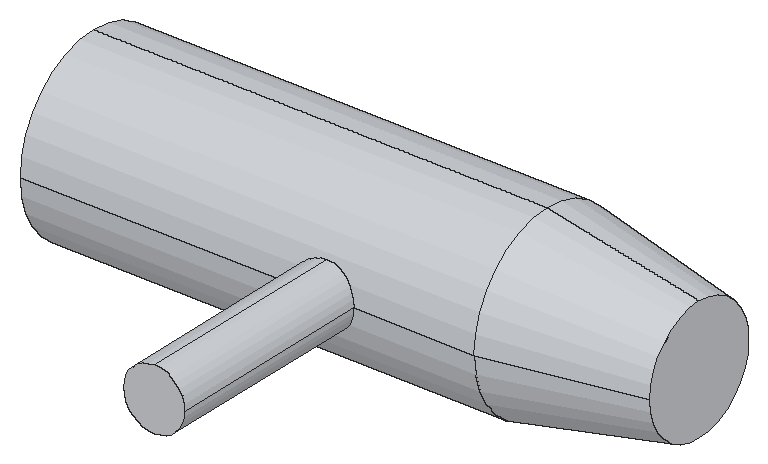
Revit family "RU T-Stück - Gleitgelenk", category Luftkanalformteile, Revit 2014
Parameters (values of type "Allgemein")
  r3 [instance] = 50 mm
  r2 [instance] = 100 mm
  r1 [instance] = 150 mm
  l4 [instance] = if(not(alpha < 90.00°), abs(l3) * 0.5, r1 / tan(alpha) + r3 / sin(alpha))  # 246.125 mm
  l3 [instance] = if(l = 0 mm, 1.1045 * Max. d1d2d3 + 160.9 mm, l)  # 492.25 mm
  l [instance] = 0 mm
  alpha [instance] = 90.00°
  Länge l3 [instance] = 1.1045 * Max. d1d2d3 + 160.9 mm  # 492.25 mm
  Länge 2 [instance] = if(not(alpha > 90.00°), if(Abschätzung 3 > Abschätzung 4, Abschätzung 3, Abschätzung 4), l3)  # 492.25 mm
  Länge 1 [instance] = if(not(alpha < 90.00°), if(Abschätzung 3 > Abschätzung 1, Abschätzung 3, Abschätzung 1), l3)  # 492.25 mm
  Länge 3 [instance] = if(not(alpha > 90.00°), if(Abschätzung 3 > Abschätzung 4, Abschätzung 3, Abschätzung 4), Länge 1)  # 492.25 mm
  d3 [instance] = 2 * r3  # 100 mm
  d2 [instance] = 2 * r2  # 200 mm
  d13 [instance] = if(d1 < d3, d1, d3)  # 100 mm
  Min. d1d2d3 [instance] = if(d13 < d2, d13, d2)  # 100 mm
  Max. d1d2d3 [instance] = if(d12 > d3, d12, d3)  # 300 mm
  d1 [instance] = 2 * r1  # 300 mm
  d12 [instance] = if(d1 > d2, d1, d2)  # 300 mm
  Länge r3 [instance] = if(alpha < 90.00°, r3 / tan(alpha / 2), r3 / tan((180.00° - alpha) / 2))  # 50 mm
  Länge r2 [instance] = r2 / tan(alpha / 2)  # 100 mm
  Länge r1 [instance] = r1 / tan(((180.00° - alpha) / 2))  # 150 mm
  Abschätzung 4 [instance] = if(Abschätzung 2 > l4, Abschätzung 2, (l4) * 1.15)  # 492.25 mm
  Abschätzung 3 [instance] = if(Länge r3 > l3, Länge r3, l3)  # 492.25 mm
  Abschätzung 2 [instance] = if(Länge r2 > l3, Länge r2, l3)  # 492.25 mm
  Abschätzung 1 [instance] = if(Länge r1 > l3, Länge r1, l3)  # 492.25 mm
Reference planes
  plane 1 "Mitte (vorne/hinten)": y = 0
  plane 2: z = 0
  plane 3 "Mitte (links/rechts)": x = 0
  plane 4: x = -492.25
  plane 5: x = 492.25
  plane 6: x = 246.125
Forms (mm)
  SweptBlend 1, solid, detail levels medium+fine
    path origin (0, 0, 0) x (1, 0, 0) y (0, 1, 0)
      loop
        line (246.125, 0) -> (492.25, 0)
    profile "Luftkanal - rund : Luftkanal - rund 1" origin (246.125, 0, 0) x (0, 1, 0) y (0, 0, 1)
      loop
        arc (-150, 0) -> (-106.066, -106.066) -> (0, -150) r 150
        arc (0, -150) -> (106.066, -106.066) -> (150, 0) r 150
        arc (150, 0) -> (106.066, 106.066) -> (0, 150) r 150
        arc (0, 150) -> (-106.066, 106.066) -> (-150, 0) r 150
    end profile "Luftkanal - rund : Luftkanal rund - 2" origin (492.25, 0, 0) x (0, 1, 0) y (0, 0, 1)
      loop
        arc (-100, 0) -> (-70.711, -70.711) -> (0, -100) r 100
        arc (0, -100) -> (70.711, -70.711) -> (100, 0) r 100
        arc (100, 0) -> (70.711, 70.711) -> (0, 100) r 100
        arc (0, 100) -> (-70.711, 70.711) -> (-100, 0) r 100
  Sweep 2, solid, detail levels medium+fine
    path origin (0, 0, 0) x (1, 0, 0) y (0, 1, 0)
      loop
        line (-492.25, 0) -> (246.125, 0)
    profile "Luftkanal - rund : Luftkanal - rund 1" origin (-123.062, 0, 0) x (0, 1, 0) y (0, 0, 1)
      loop
        arc (-150, 0) -> (-106.066, -106.066) -> (0, -150) r 150
        arc (0, -150) -> (106.066, -106.066) -> (150, 0) r 150
        arc (150, 0) -> (106.066, 106.066) -> (0, 150) r 150
        arc (0, 150) -> (-106.066, 106.066) -> (-150, 0) r 150
  Sweep 3, solid, detail levels medium+fine
    path in 3D
      loop
        line (0, 0, 0) -> (0, -492.25, 0)
    profile "Luftkanal - rund : Luftkanal - rund 3" origin (0, -246.125, 0) x (1, 0, 0) y (0, 0, 1)
      loop
        arc (-50, 0) -> (-35.355, -35.355) -> (0, -50) r 50
        arc (0, -50) -> (35.355, -35.355) -> (50, 0) r 50
        arc (50, 0) -> (35.355, 35.355) -> (0, 50) r 50
        arc (0, 50) -> (-35.355, 35.355) -> (-50, 0) r 50
Cuts and joins
  joined: SweptBlend 1, Sweep 2, Sweep 3
Lines and regions (mm)
  model lines, detail levels coarse
    curve 1: line (-592.25, 0, 0) -> (-582.25, 0, 0)
    curve 2: line (-582.25, 0, 0) -> (246.125, 0, 0)
    curve 3: line (246.125, 0, 0) -> (492.25, 0, 0)
    curve 6: line (0, 0, 0) -> (0, -492.25, 0)
  reference lines
    curve 4: line (0, 0, 0) -> (0, -492.25, 0)
    curve 5: line (0, -492.25, 0) -> (0, -482.25, 0)
    curve 7: line (100, -492.25, 0) -> (100, -497.25, 0)
    curve 8: line (-100, -492.25, 0) -> (-100, -497.25, 0)
  sketch lines
    curve 9: line (0, 0, 0) -> (0, -492.25, 0)
Dimensions and locks
  "Länge 3": curve 4 to curve 4
  "l4": plane 3 "Mitte (links/rechts)" to plane 6
  "Länge 1": plane 4 to plane 3 "Mitte (links/rechts)"
  "Länge 2": plane 3 "Mitte (links/rechts)" to plane 5
  "alpha": angle curve 4 to plane 1 "Mitte (vorne/hinten)"
  aligned and locked: plane 1 "Mitte (vorne/hinten)" to curve 1
  aligned and locked: plane 1 "Mitte (vorne/hinten)" to curve 2
  aligned and locked: plane 6 to curve 2
  aligned and locked: curve 2 to SweptBlend 1 sketch curve
  aligned and locked: plane 1 "Mitte (vorne/hinten)" to Sweep 2 sketch curve
  aligned and locked: plane 4 to Sweep 2 sketch curve
  aligned and locked: plane 6 to Sweep 2 sketch curve
  aligned and locked: plane 1 "Mitte (vorne/hinten)" to curve 4
  aligned and locked: plane 3 "Mitte (links/rechts)" to curve 4
  aligned and locked: plane 5 to curve 3
Automatic sketch dimensions
  SweptBlend 1 sketch curve to plane 5 = 0 mm
  SweptBlend 1 sketch curve to plane 6 = 0 mm
  curve 5 to curve 4 = 0 mm  (x2)
  curve 8 to curve 8 = 5 mm
  curve 7 to curve 7 = 5 mm
  curve 6 to curve 4 = 0 mm  (x3)
  curve 8 to curve 4 = 100 mm
  curve 4 to curve 7 = 100 mm
  curve 1 to curve 2 = 10 mm
  curve 5 to curve 4 = 10 mm
  curve 4 to curve 7 = 0 mm
  curve 8 to curve 4 = 0 mm
  curve 1 to plane 4 = 90 mm
Connectors
  hvac at (-492.25, 0, 0), driven by "r1"
    settings: on cut or joined group of SweptBlend 1, Sweep 2, Sweep 3, index 1, duct flow 0.0 L/s, flow factor 0, pres drop 0.0 Pa, loss coef 0, conn angle 0.00°, conn width 304.8 mm, conn height 304.8 mm, conn diameter 300 mm, duct sys type 28, conn prof type 0, flow config 0, flow direction 0, loss method 0, conn ref index 2, conn util no, is conn primary yes, conn desc ""
  hvac at (492.25, 0, 0), driven by "r2"
    settings: on SweptBlend 1, index 2, duct flow 0.0 L/s, flow factor 0, pres drop 0.0 Pa, loss coef 0, conn angle 0.00°, conn width 304.8 mm, conn height 304.8 mm, conn diameter 200 mm, duct sys type 28, conn prof type 0, flow config 0, flow direction 0, loss method 0, conn ref index 1, conn util no, is conn primary no, conn desc ""
  hvac at (0, -492.25, 0), driven by "r3", driven by "alpha"
    settings: on cut or joined group of SweptBlend 1, Sweep 2, Sweep 3, index 3, duct flow 0.0 L/s, flow factor 0, pres drop 0.0 Pa, loss coef 0, conn angle 90.00°, conn width 304.8 mm, conn height 304.8 mm, conn diameter 100 mm, duct sys type 28, conn prof type 0, flow config 0, flow direction 0, loss method 0, conn ref index -1, conn util no, is conn primary no, conn desc ""
